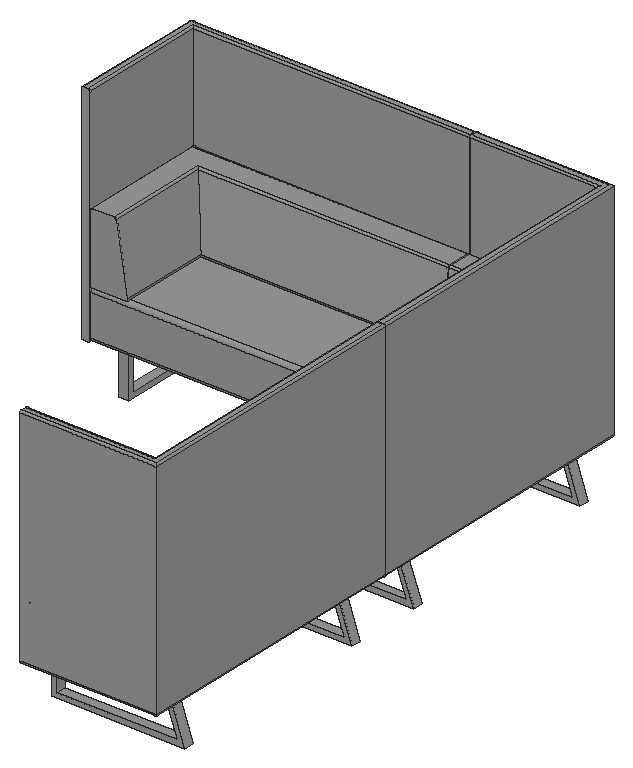
Revit family "TP6HL - TP6LL", category Furniture, Revit 2016
Family settings
  OmniClass Number = 23.40.20.00
  OmniClass Title = General Furniture and Specialties
  Work Plane-Based = No
  Always vertical = Yes
  Cut with Voids When Loaded = No
  Shared = No
  Room Calculation Point = No
Parameters (values of type "TP6HR-K")
  URL = "www.gof.co.uk"
  Seat = GABRIEL Byron_02101
  Range = "SEATING"
  Product Data Specification = "https://gof.co.uk/wp-content/uploads/2016/02/Take-Off-Task-Product-Data-Sheet.compressed.pdf"
  Product Code = "TP6HR-K"
  Product Brochure = "https://gof.co.uk/wp-content/uploads/2016/04/Take_Off_Reception_Brochure_2016.pdf"
  Model = "TAKE OFF PLUS"
  Manufacturer = "Gresham Office Furniture"  # constant formula
  Low Surround = GABRIEL Byron_02101
  Low Surround (Vis) = no
  High Surround (Vis) = yes
  High Surround = GABRIEL Byron_02101
  Circular Leg Frame = no
  Back = GABRIEL Byron_12101
  Angled Base Frame = yes
Types (5, lengths in mm): name | Product Code | Low Surround (Vis) | High Surround (Vis) | Circular Leg Frame | Angled Base Frame
  (no name) | "TP6HR-K" | no | yes | no | yes
  TP6LR-K | "TP6LR-K" | yes | no | no | yes
  TP6HR-K | "TP6HR-K" | no | yes | no | yes
  TP6HR-4 | "TP6HR-4" | no | yes | yes | no
  TP6LR-4 | "TP6LR-4" | yes | no | yes | no
Reference planes
  plane 1 "Center (Front/Back)": y = 0
  plane 2: z = 0
  plane 3 "Center (Left/Right)": x = 0
  plane 4: y = 347.5
  plane 5: x = 695
  plane 6: x = -1446
  plane 7 "Right Inner": x = 650
  plane 8 "Left Inner": x = -1401
  plane 9: y = 302.5
  plane 10: y = -347.5
  plane 11: z = 1360
Dimensions and locks
  locked: plane 7 "Right Inner" to plane 5 at 45
  locked: plane 6 to plane 8 "Left Inner" at 45
  locked: plane 9 to plane 4 at 45
  locked: plane 10 to plane 4 at 695
  equal spacing: plane 10, plane 1 "Center (Front/Back)", plane 4
  plane 6 to plane 3 "Center (Left/Right)" to plane 5 = 1446 mm, 695 mm
  plane 11 to level = 1360 mm
  plane 6 to plane 5 = 2141 mm
  aligned and locked: level to plane 2
Nested families
  nested 1: "TP4H - TP4L Component" at (-723, 0, 0), type "TP4H-K"
  nested 2: "TP4H - TP4L Component" at (347.5, -375.5, 0) x (0, -1, 0) z (0, 0, 1), type "TP4H-K"
  nested 3: "TP4H - TP4L Component" at (347.5, -1821.5, 0) x (0, 1, 0) z (0, 0, 1), type "TP4H-K"
Definition of nested family "TP4H - TP4L Component"
  Parameters (values of type "TP4H-K")
    URL = "www.gof.co.uk"
    Seat = none
    Range = "SEATING"
    Product Data Specification = "https://gof.co.uk/wp-content/uploads/2016/02/Take-Off-Task-Product-Data-Sheet.compressed.pdf"
    Product Code = "TP4H-K"
    Product Brochure = "https://gof.co.uk/wp-content/uploads/2016/04/Take_Off_Reception_Brochure_2016.pdf"
    Model = "TAKE OFF PLUS"
    Manufacturer = "Gresham Office Furniture"  # constant formula
    Low Surround = none
    Low Surround (Vis) = no
    High Surround (Vis) = yes
    High Surround = none
    Circular Leg Frame = no
    Back = none
    Angled Base Frame = yes
  Types (5, lengths in mm): name | Product Code | Low Surround (Vis) | High Surround (Vis) | Circular Leg Frame | Angled Base Frame
    (no name) | "TP4H-K" | no | yes | no | yes
    TP4L-K | "TP4L-K" | yes | no | no | yes
    TP4H-K | "TP4H-K" | no | yes | no | yes
    TP4H-4 | "TP4H-4" | no | yes | yes | no
    TP4L-4 | "TP4L-4" | yes | no | yes | no
  Reference planes
    plane 1 "Center (Front/Back)": y = 0
    plane 2: z = 0
    plane 3 "Center (Left/Right)": x = 0
    plane 4: y = 347.5
    plane 5: x = 723
    plane 6: x = -723
    plane 7 "Right Inner": x = 678
    plane 8 "Left Inner": x = -678
    plane 9: y = 302.5
    plane 10: y = -347.5
  Forms (mm)
    Extrusion 1, solid, material <- "Seat"
      sketch origin (0, 0, 215) x (0, 1, 0) y (-1, 0, 0)
        loop
          line (302.5, 678) -> (-347.5, 678) -> (-347.5, -723) -> (302.5, -723) -> (302.5, 678)
      from 0 to 250
    Sweep 2, solid, material <- "Back"
      path in 3D
        loop
          line (-678, -347.5, 465) -> (-678, 302.5, 465) -> (723, 302.5, 465)
      profile origin (22.5, 302.5, 465) x (0, 1, 0) y (0, 0, 1)
        loop
          line (-132.43, 351.697) -> (-190.985, 11.697)
          arc (-190.985, 11.697) -> (-188.778, 3.557) -> (-181.131, 0) r 10
          line (-181.131, 0) -> (-10, 0)
          arc (-10, 0) -> (-2.929, 2.929) -> (0, 10) r 10
          line (0, 10) -> (0, 350)
          arc (0, 350) -> (-2.929, 357.071) -> (-10, 360) r 10
          line (-10, 360) -> (-122.575, 360)
          arc (-122.575, 360) -> (-129.018, 357.648) -> (-132.43, 351.697) r 10
    Sweep 3, solid, material <- "Low Surround", visible <- "Low Surround (Vis)"
      path in 3D
        loop
          line (-678, -347.5, 465) -> (-678, 302.5, 465) -> (723, 302.5, 465)
      profile origin (22.5, 302.5, 465) x (0, 1, 0) y (0, 0, 1)
        loop
          arc (10, 360) -> (2.929, 357.071) -> (0, 350) r 10
          line (0, 350) -> (0, -240)
          arc (0, -240) -> (2.929, -247.071) -> (10, -250) r 10
          line (10, -250) -> (35, -250)
          arc (35, -250) -> (42.071, -247.071) -> (45, -240) r 10
          line (45, -240) -> (45, 350)
          arc (45, 350) -> (42.071, 357.071) -> (35, 360) r 10
          line (35, 360) -> (10, 360)
    Sweep 4, solid, material <- "High Surround", visible <- "High Surround (Vis)"
      path in 3D
        loop
          line (-678, -347.5, 1000) -> (-678, 302.5, 1000) -> (723, 302.5, 1000)
      profile origin (22.5, 302.5, 1000) x (0, 1, 0) y (0, 0, 1)
        loop
          arc (10, 360) -> (2.929, 357.071) -> (0, 350) r 10
          line (0, 350) -> (0, -775)
          arc (0, -775) -> (2.929, -782.071) -> (10, -785) r 10
          line (10, -785) -> (35, -785)
          arc (35, -785) -> (42.071, -782.071) -> (45, -775) r 10
          line (45, -775) -> (45, 350)
          arc (45, 350) -> (42.071, 357.071) -> (35, 360) r 10
          line (35, 360) -> (10, 360)
    Sweep 5, void
      path in 3D
        loop
          line (723, -347.5, 465) -> (723, 302.5, 465) -> (-678, 302.5, 465) -> (-678, -347.5, 465) -> (723, -347.5, 465)
      profile origin (22.5, -347.5, 465) x (0, 1, 0) y (0, 0, 1)
        loop
          line (0, 0) -> (0, -20)
          arc (0, -20) -> (5.858, -5.858) -> (20, 0) r 20
          line (20, 0) -> (0, 0)
    Sweep 6, void
      path in 3D
        loop
          line (723, -347.5, 215) -> (723, 302.5, 215) -> (-678, 302.5, 215) -> (-678, -347.5, 215) -> (723, -347.5, 215)
      profile origin (22.5, -347.5, 215) x (0, -1, 0) y (0, 0, -1)
        loop
          line (0, 0) -> (-20, 0)
          arc (-20, 0) -> (-5.858, -5.858) -> (0, -20) r 20
          line (0, -20) -> (0, 0)
  Cuts and joins
    Sweep 5, Sweep 6 cuts Sweep 4
    Sweep 5, Sweep 6 cuts Extrusion 1
    Sweep 5, Sweep 6 cuts Sweep 2
  Lines and regions (mm)
    sketch lines
      curve 1: line (-678, 302.5, 465) -> (723, 302.5, 465)
      curve 2: line (-678, -347.5, 465) -> (-678, 302.5, 465)
      curve 3: line (-678, 302.5, 465) -> (723, 302.5, 465)
      curve 4: line (-678, -347.5, 465) -> (-678, 302.5, 465)
      curve 5: line (-678, 302.5, 1000) -> (723, 302.5, 1000)
      curve 6: line (-678, -347.5, 1000) -> (-678, 302.5, 1000)
      curve 7: line (-678, -347.5, 465) -> (723, -347.5, 465)
      curve 8: line (723, -347.5, 465) -> (723, 302.5, 465)
      curve 9: line (-678, 302.5, 465) -> (-678, -347.5, 465)
      curve 10: line (723, 302.5, 465) -> (-678, 302.5, 465)
      curve 11: line (-678, -347.5, 215) -> (723, -347.5, 215)
      curve 12: line (723, -347.5, 215) -> (723, 302.5, 215)
      curve 13: line (-678, 302.5, 215) -> (-678, -347.5, 215)
      curve 14: line (723, 302.5, 215) -> (-678, 302.5, 215)
  Dimensions and locks
    plane 6 to plane 5 = 1446 mm
    locked: plane 7 "Right Inner" to plane 5 at 45
    locked: plane 6 to plane 8 "Left Inner" at 45
    locked: plane 9 to plane 4 at 45
    locked: plane 10 to plane 4 at 695
    equal spacing: plane 10, plane 1 "Center (Front/Back)", plane 4
    locked: nested 1 to plane 5 at 170
    locked: nested 1 to plane 10 at 26
    locked: plane 6 to nested 2 at 170
    locked: nested 2 to plane 10 at 26
    locked: nested 3 to plane 5 at 62.5
    locked: nested 3 to plane 10 at 20
    locked: plane 6 to nested 4 at 62.5
    locked: nested 4 to plane 10 at 20
    plane 6 to plane 3 "Center (Left/Right)" to plane 5 = 723 mm, 723 mm
    aligned and locked: level to plane 2
  Automatic sketch dimensions
    Extrusion 1 sketch curve to plane 8 "Left Inner" = 0 mm
    Extrusion 1 sketch curve to plane 10 = 0 mm
    Extrusion 1 sketch curve to plane 9 = 0 mm
    plane 7 "Right Inner" to Extrusion 1 sketch curve = 45 mm
    Sweep 2 sketch curve to profile plane = 0 mm  (x2)
    profile plane to Sweep 2 sketch curve = 10 mm  (x2)
    Sweep 2 sketch curve to Sweep 2 sketch curve = 10 mm  (x2)
    Sweep 2 sketch curve to Sweep 2 sketch curve = 112.575 mm
    Sweep 2 sketch curve to Sweep 2 sketch curve = 9.855 mm
    Sweep 2 sketch curve to Sweep 2 sketch curve = 171.131 mm
    profile plane to Sweep 2 sketch curve = 11.697 mm
    Sweep 2 sketch curve to Sweep 2 sketch curve = 340 mm
    profile plane to Sweep 3 sketch curve = 0 mm
    Sweep 3 sketch curve to profile plane = 10 mm  (x2)
    Sweep 3 sketch curve to Sweep 3 sketch curve = 25 mm  (x2)
    Sweep 3 sketch curve to Sweep 3 sketch curve = 10 mm
    Sweep 3 sketch curve to profile plane = 250 mm
    profile plane to Sweep 3 sketch curve = 350 mm
    profile plane to Sweep 4 sketch curve = 0 mm
    Sweep 4 sketch curve to profile plane = 10 mm  (x2)
    Sweep 4 sketch curve to Sweep 4 sketch curve = 25 mm  (x2)
    Sweep 4 sketch curve to Sweep 4 sketch curve = 10 mm
    Sweep 4 sketch curve to profile plane = 785 mm
    profile plane to Sweep 4 sketch curve = 350 mm
    Sweep 5 sketch curve to profile plane = 0 mm  (x2)
    Sweep 5 sketch curve to Sweep 5 sketch curve = 20 mm
    profile plane to Sweep 6 sketch curve = 0 mm
    Sweep 6 sketch curve to profile plane = 0 mm
    Sweep 6 sketch curve to Sweep 6 sketch curve = 20 mm
  Nested families
    nested 1: "Angled Base Frame" at (-122, -83, 0), visible <- "Angled Base Frame", type "Angled Base Frame"
    nested 2: "Angled Base Frame" at (122, -83, 0) x (-1, 0, 0) z (0, 0, 1), visible <- "Angled Base Frame", type "Angled Base Frame"
    nested 3: "Circular Leg Frame" at (-122, -83, 0), visible <- "Circular Leg Frame", type "Circular Leg Frame"
    nested 4: "Circular Leg Frame" at (122, -83, 0) x (-1, 0, 0) z (0, 0, 1), visible <- "Circular Leg Frame", type "Circular Leg Frame"
  Definition of nested family "Angled Base Frame"
    Parameters (values of type "Angled Base Frame")
      Width = 1690 mm
      URL = "www.gof.co.uk"
      Range = "TAKE OFF PLUS"
      Product Code = ""
      Manufacturer = "Gresham Office Funiture"  # constant formula
      Frame = none
    Reference planes
      plane 1 "Center (Front/Back)": y = 83
      plane 2: z = 0
      plane 3 "Center (Left/Right)": x = 0
      plane 4: x = -845
      plane 5: x = 845
      plane 6: y = 430.5
      plane 7: y = -264.5
    Forms (mm)
      Extrusion 1, solid, material <- "Frame"
        sketch origin (675, 334.886, 702) x (0, -1, 0) y (0, 0, 1)
          loop
            line (-101.614, -702) -> (573.386, -702) -> (573.386, -487) -> (-23.614, -487) -> (-101.614, -702)
          loop
            line (548.386, -677) -> (548.386, -512) -> (-6.089, -512) -> (-65.95, -677) -> (548.386, -677)
        from 0 to 50
    Dimensions and locks
      "Width": plane 4 to plane 5
      locked: plane 6 to plane 7 at 695
      equal spacing: plane 4, plane 3 "Center (Left/Right)", plane 5
      Extrusion 1 sketch curve to Extrusion 1 sketch curve = 25 mm  (x2)
      Extrusion 1 sketch curve to Extrusion 1 sketch curve = 675 mm
      Extrusion 1 sketch curve to Extrusion 1 sketch curve = 597 mm
      locked: Extrusion 1 to plane 5 at 170
      locked: Extrusion 1 to plane 7 at 26
      equal spacing: plane 6, plane 1 "Center (Front/Back)", plane 7
      aligned and locked: level to plane 2
    Automatic sketch dimensions
      Extrusion 1 sketch curve to level = 0 mm
      plane 6 to Extrusion 1 sketch curve = 6 mm
      Extrusion 1 sketch curve to plane 6 = 29.664 mm
      Extrusion 1 sketch curve to Extrusion 1 sketch curve = 17.525 mm
      level to Extrusion 1 sketch curve = 25 mm
      Extrusion 1 sketch curve to Extrusion 1 sketch curve = 165 mm
  Definition of nested family "Circular Leg Frame"
    Parameters (values of type "Circular Leg Frame")
      Width = 1690 mm
      URL = "www.gof.co.uk"
      Range = "TAKE OFF PLUS"
      Product Code = ""
      Manufacturer = "Gresham Office Funiture"  # constant formula
      Frame = none
      Foot = none
    Reference planes
      plane 1 "Center (Front/Back)": y = 83
      plane 2: z = 0
      plane 3 "Center (Left/Right)": x = 0
      plane 4: x = -845
      plane 5: x = 845
      plane 6: y = 430.5
      plane 7: y = -264.5
    Forms (mm)
      Extrusion 1, solid, material <- "Frame"
        sketch origin (770, 353.886, 702) x (0, -1, 0) y (0, 0, 1)
          loop
            line (553.386, -487) -> (-26.614, -487) -> (-26.614, -537) -> (553.386, -537) -> (553.386, -487)
        from 0 to 25
      Extrusion 2, solid, material <- "Frame"
        sketch origin (0, -25, 5) x (-1, 0, 0) y (0, -1, 0)
          loop
            circle (-757.5, 194.5) r 25
        from 0 to 210
      Extrusion 3, solid, material <- "Frame"
        sketch origin (0, 239, 5) x (-1, 0, 0) y (0, -1, 0)
          loop
            circle (-757.5, -161.5) r 25
        from 0 to 210
      Extrusion 4, solid, material <- "Foot"
        sketch origin (0, 0, 0) x (1, 0, 0) y (0, 1, 0)
          loop
            circle (757.5, -219.5) r 15
        from 0 to 5
      Extrusion 5, solid, material <- "Foot"
        sketch origin (0, 199, 0) x (1, 0, 0) y (0, 1, 0)
          loop
            circle (757.5, 201.5) r 15
        from 0 to 5
    Cuts and joins
      joined: Extrusion 1, Extrusion 2, Extrusion 3
    Dimensions and locks
      "Width": plane 4 to plane 5
      locked: plane 6 to plane 7 at 695
      equal spacing: plane 4, plane 3 "Center (Left/Right)", plane 5
      Extrusion 1 sketch curve to Extrusion 1 sketch curve = 50 mm
      locked: Extrusion 1 to plane 5 at 75
      locked: Extrusion 2 to plane 7 at 20
      Extrusion 2 to plane 7 = 70 mm
      locked: plane 6 to Extrusion 3 at 5
      plane 6 to Extrusion 5 = 15 mm
      Extrusion 4 to plane 7 = 45 mm
      plane 6 to Extrusion 5 = 30 mm
      equal spacing: plane 6, plane 1 "Center (Front/Back)", plane 7
      aligned and locked: level to plane 2
      aligned and locked: Extrusion 2 to Extrusion 1
    Automatic sketch dimensions
      Extrusion 1 sketch curve to plane 6 = 50 mm
      plane 7 to Extrusion 1 sketch curve = 65 mm
      level to Extrusion 1 sketch curve = 165 mm
      plane 5 to Extrusion 2 sketch curve = 87.5 mm
      plane 7 to Extrusion 2 sketch curve = 45 mm
      plane 6 to Extrusion 3 sketch curve = 30 mm
      Extrusion 3 sketch curve to plane 5 = 87.5 mm
      plane 5 to Extrusion 4 sketch curve = 87.5 mm
      plane 7 to Extrusion 4 sketch curve = 45 mm
      plane 6 to Extrusion 5 sketch curve = 30 mm
      Extrusion 5 sketch curve to plane 5 = 87.5 mm
      radius of Extrusion 2 sketch curve = 25 mm
      radius of Extrusion 3 sketch curve = 25 mm
      radius of Extrusion 4 sketch curve = 15 mm
      radius of Extrusion 5 sketch curve = 15 mm
